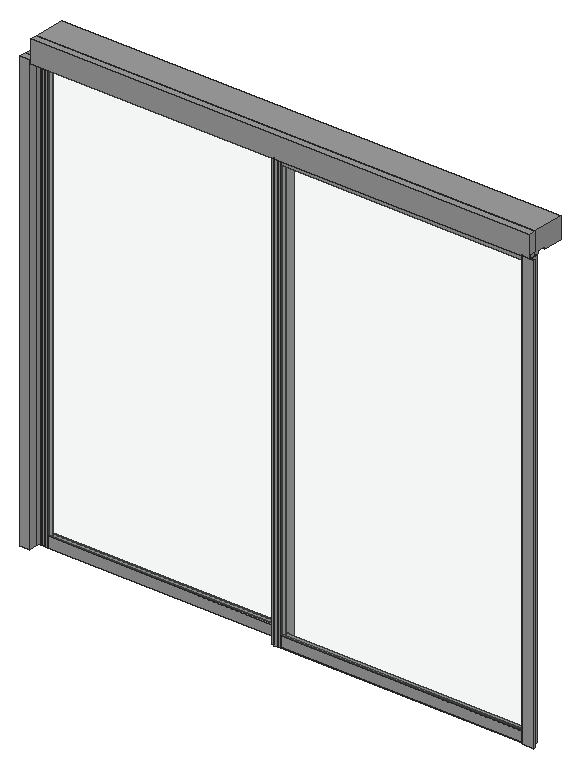
Revit family "agtatec_Record_SldngDrset_E-STA_Standalone", category Doors, Revit 2015 (continued)
Types (13, lengths in mm): name | WithoutSidePanels | WallOpeningWidth | WallMountingRight | WallMountingLeft | TotalWidth | TotalHeight | SupportLengthRight | SupportLengthLeft | RightPanel | LeftPanel | InterlancingProfileRight | InterlancingProfileLeft | DriveUnitHeight | Width | Rough Width | Rough Height | NominalWidth | NominalHeight | Height | ClearanceZoneRight | ClearanceZoneLeft | CladdingVoid | CenterOfDoor
  E-STA-R 150 mm drive unit height - right - without side panel | yes | 1200.00 | no | no | 1310.00 | 2337.00 | 1877.00 | 616.00 | no | no | yes | no | 150.00 | 1310.00 | 1316.00 | 2343.00 | 1310.00 | 2337.00 | 2337.00 | 1246.50 | 1301.50 | 9.00 | 1253.50
  E-STA-R 150 mm drive unit height - right - with side panel | no | 2500.00 | yes | no | 2555.00 | 2337.00 | 1877.00 | 616.00 | yes | no | yes | no | 150.00 | 2555.00 | 2561.00 | 2343.00 | 2555.00 | 2337.00 | 2337.00 | 1269.50 | 1301.50 | 41.00 | 1253.50
  E-STA-L 150 mm drive unit height - left - without side panel | yes | 1200.00 | no | no | 1310.00 | 2337.00 | 616.00 | 1877.00 | no | no | no | yes | 150.00 | 1310.00 | 1316.00 | 2343.00 | 1310.00 | 2337.00 | 2337.00 | 1301.50 | 1246.50 | 9.00 | 2514.50
  E-STA-L 200 mm drive unit height - left - with side panel | no | 2500.00 | no | yes | 2555.00 | 2387.00 | 616.00 | 1877.00 | no | yes | no | yes | 200.00 | 2555.00 | 2561.00 | 2393.00 | 2555.00 | 2387.00 | 2387.00 | 1301.50 | 1269.50 | 41.00 | 2514.50
  E-STA-L 200 mm drive unit height - left - without side panel | yes | 1200.00 | no | no | 1310.00 | 2387.00 | 616.00 | 1877.00 | no | no | no | yes | 200.00 | 1310.00 | 1316.00 | 2393.00 | 1310.00 | 2387.00 | 2387.00 | 1301.50 | 1246.50 | 9.00 | 2514.50
  E-STA-R 200 mm drive unit height - right - with side panel | no | 2500.00 | yes | no | 2555.00 | 2387.00 | 1877.00 | 616.00 | yes | no | yes | no | 200.00 | 2555.00 | 2561.00 | 2393.00 | 2555.00 | 2387.00 | 2387.00 | 1269.50 | 1301.50 | 41.00 | 1253.50
  E-STA-R 200 mm drive unit height - right - without side panel | yes | 1200.00 | no | no | 1310.00 | 2387.00 | 1877.00 | 616.00 | no | no | yes | no | 200.00 | 1310.00 | 1316.00 | 2393.00 | 1310.00 | 2387.00 | 2387.00 | 1246.50 | 1301.50 | 9.00 | 1253.50
  E-STA-L 108 mm drive unit height - left - with side panel | no | 2500.00 | no | yes | 2555.00 | 2295.00 | 616.00 | 1877.00 | no | yes | no | yes | 108.00 | 2555.00 | 2561.00 | 2301.00 | 2555.00 | 2295.00 | 2295.00 | 1301.50 | 1269.50 | 41.00 | 2514.50
  E-STA-L 108 mm drive unit height - left - without side panel | yes | 1200.00 | no | no | 1310.00 | 2295.00 | 616.00 | 1877.00 | no | no | no | yes | 108.00 | 1310.00 | 1316.00 | 2301.00 | 1310.00 | 2295.00 | 2295.00 | 1301.50 | 1246.50 | 9.00 | 2514.50
  E-STA-R 108 mm drive unit height - right - with side panel | no | 2500.00 | yes | no | 2555.00 | 2295.00 | 1877.00 | 616.00 | yes | no | yes | no | 108.00 | 2555.00 | 2561.00 | 2301.00 | 2555.00 | 2295.00 | 2295.00 | 1269.50 | 1301.50 | 41.00 | 1253.50
  E-STA-R 108 mm drive unit height - right - without side panel | yes | 1200.00 | no | no | 1310.00 | 2295.00 | 1877.00 | 616.00 | no | no | yes | no | 108.00 | 1310.00 | 1316.00 | 2301.00 | 1310.00 | 2295.00 | 2295.00 | 1246.50 | 1301.50 | 9.00 | 1253.50
